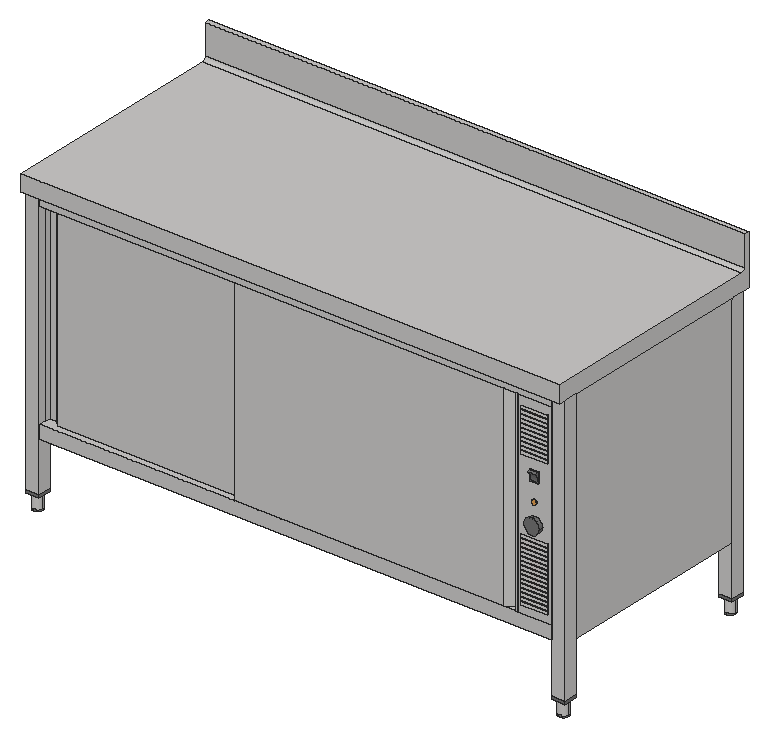
Revit family "QF_ELECTROLUXPROFESSIONAL_134052_GTC1610E", category Attrezzature speciali, Revit 2020
Family settings
  Quota connettore circolare = Usa diametro
  Tipo di parte = Normale
  Basato su piano di lavoro = No
  Sempre verticale = Sì
  Taglio con vuoti quando caricato = No
  Condiviso = No
  Punto di calcolo locali = No
Parameters (values of type "Standard")
  Weight = 91.00 kg
  Watts = 2530 W
  Volts = 220 V
  URL Manufacturer = "https://www.electroluxprofessional.com/"
  URL = "https://www.electroluxprofessional.com/"
  Steam Supply Size = 0 mm
  Steam Supply Minimum Pressure = 0.0 Pa
  Steam Supply Maximum Pressure = 0.0 Pa
  Steam Consumption per Hour = 0
  Refrigeration Suction Line Size = 0.0 mm
  Refrigeration Liquid Line Size = 0.0 mm
  Refrigerant Compressor Remote = yes
  Prospetto di default = 0.0 mm
  Produttore = "Electrolux Professional"
  Phase = 1
  Modello = "GTC1610E"
  Length Actual = 1600.0 mm  # constant formula
  Item Number = "134052"
  Hot Water Size = 0 mm
  Height Actual = 1000.0 mm  # constant formula
  HP = "3.4 HP"
  Gas Size = 0 mm
  Gas KW = 0
  Gas Input Pressure = 0 W
  Direct Waste Size = 0 mm
  Descrizione = "HOT CUPBOARD WITH UPSTAND 1600 MM"
  Depth Actual = 700.0 mm  # constant formula
  Cycle = 50 Hz
  Condensate Return Size = 0 mm
  Compressed Air Volume = 0.0 L/s
  Compressed Air Size = 0 mm
  Compressed Air Pressure = 0.0 Pa
  Cold Water Size = 0 mm
  Accessory = yes
Reference planes
  plane 1 "Center (Front/Back)": y = 0
  plane 2: z = 0
  plane 3 "Center (Left/Right)": x = -300
  plane 4 "LEFT": x = -1100
  plane 5 "RIGHT": x = 500
  plane 6 "BACK": y = 350
  plane 7 "FRONT": y = -350
  plane 8 "Base": z = 850
  plane 9 "TOP": z = 900
  plane 10: x = -1080
  plane 11: x = 480
  plane 12: y = 310
  plane 13: y = -310
  plane 14 "BodyLeft": x = -1100
  plane 15 "BodyFront": y = -330
  plane 16 "BodyRight": x = 500
  plane 17 "BodyBack": y = 330
  plane 18 "FEET": z = 200
  plane 19: x = -220
  plane 20: x = -480
  plane 21 "AxeSlideDoor": x = -350
  plane 22: x = 360
  plane 23: x = 410
  plane 24: y = -160
Forms (mm)
  Extrusion 1, solid, material "QF_Finishes_Stainless Steel"
    sketch origin (-300, 0, 0) x (0, 1, 0) y (0, 0, 1)
      loop
        line (-350, 850) -> (350, 850) -> (350, 1000) -> (337, 1000) -> (337, 910)
        arc (337, 910) -> (334.071, 902.929) -> (327, 900) r 10
        line (327, 900) -> (-350, 900) -> (-350, 850)
    from 800 to -800
  Extrusion 2, solid, material "QF_Finishes_Stainless Steel"
    sketch origin (0, 0, 200) x (-1, 0, 0) y (0, -1, 0)
      loop
        line (1100, -290) -> (1100, 290) -> (1060, 290) -> (1060, -290) -> (1100, -290)
      loop
        line (-460, -290) -> (-460, 290) -> (-500, 290) -> (-500, -290) -> (-460, -290)
    from 0 to 650
  Extrusion 3, solid, material "QF_Finishes_Stainless Steel"
    sketch origin (0, 0, 200) x (-1, 0, 0) y (0, -1, 0)
      loop
        line (1060, -290) -> (1060, 330) -> (-460, 330) -> (-460, -290) -> (1060, -290)
    from 0 to 40
  Extrusion 4, solid, material "QF_Finishes_Stainless Steel"
    sketch origin (0, 0, 200) x (-1, 0, 0) y (0, -1, 0)
      loop
        line (1060, -290) -> (-460, -290) -> (-460, -330) -> (1060, -330) -> (1060, -290)
    from 0 to 650
  Extrusion 5, solid, material "QF_Finishes_Stainless Steel"
    sketch origin (0, 0, 200) x (-1, 0, 0) y (0, -1, 0)
      loop
        line (-360, 330) -> (-360, 310) -> (480, 310) -> (480, 330) -> (-320, 330) -> (-340, 315) -> (-355, 315) -> (-355, 330) -> (-360, 330)
    from 40 to 620
  Extrusion 6, solid, material "QF_Finishes_Stainless Steel"
    sketch origin (0, 20, 200) x (1, 0, 0) y (0, 1, 0)
      loop
        line (-1060, -330) -> (-1055, -330) -> (-1055, -315) -> (-1040, -315) -> (-1020, -330) -> (-220, -330) -> (-220, -310) -> (-1060, -310) -> (-1060, -330)
    from 40 to 620
  Extrusion 7, solid, material "QF_Finishes_Stainless Steel"
    sketch origin (0, 0, 200) x (-1, 0, 0) y (0, -1, 0)
      loop
        line (1060, 290) -> (-460, 290) -> (-460, -290) -> (1060, -290) -> (1060, 290)
    from 350 to 390
  Extrusion 8, solid, material "QF_Finishes_Stainless Steel"
    sketch origin (0, 0, 200) x (-1, 0, 0) y (0, -1, 0)
      loop
        line (1060, 330) -> (-460, 330) -> (-460, -310) -> (1060, -310) -> (1060, 330)
    from 620 to 650
  Extrusion 9, solid, material "QF_Finishes_Stainless Steel"
    sketch origin (0, 0, 200) x (-1, 0, 0) y (0, -1, 0)
      loop
        circle (-410, 160) r 10
    from 0 to -5
Lines and regions (mm)
  symbolic lines
    curve 1: line (500, 350, 900) -> (-1100, 350, 900)
    curve 2: line (-1100, 350, 900) -> (-1100, -350, 900)
    curve 3: line (-1100, -350, 900) -> (500, -350, 900)
    curve 4: line (500, -350, 900) -> (500, 350, 900)
  symbolic lines, style "SpecialityEquipmentHiddenLines"
    curve 5: line (-1100, 330, 200) -> (500, 330, 200)
    curve 6: line (-1100, -330, 200) -> (-1100, 330, 200)
    curve 7: line (500, -330, 200) -> (-1100, -330, 200)
    curve 8: line (500, 330, 200) -> (500, -330, 200)
    curve 9: line (-1060, -290, 200) -> (-220, -290, 200)
    curve 10: line (-220, -290, 200) -> (-220, -310, 200)
    curve 11: line (-1060, -310, 200) -> (360, -310, 200)
    curve 12: line (360, -310, 200) -> (360, -330, 200)
    curve 13: line (-480, -310, 200) -> (-480, -330, 200)
    curve 14: line (-1060, -290, 200) -> (-1060, -310, 200)
  symbolic lines, style "SpecialityEquipment"
    curve 15: line (-1100, 337, 200) -> (500, 337, 200)
Dimensions and locks
  plane 4 "LEFT" to plane 5 "RIGHT" = 1600.0 mm
  equal spacing: plane 4 "LEFT", plane 3 "Center (Left/Right)", plane 5 "RIGHT"
  locked: plane 8 "Base" to level at 850
  plane 9 "TOP" to level = 900.0 mm
  plane 6 "BACK" to plane 7 "FRONT" = 700.0 mm
  equal spacing: plane 6 "BACK", plane 1 "Center (Front/Back)", plane 7 "FRONT"
  locked: plane 4 "LEFT" to plane 14 "BodyLeft"
  locked: plane 16 "BodyRight" to plane 5 "RIGHT"
  locked: plane 15 "BodyFront" to plane 7 "FRONT" at 20
  locked: plane 6 "BACK" to plane 17 "BodyBack" at 20
  locked: plane 14 "BodyLeft" to plane 10 at 20
  locked: plane 11 to plane 16 "BodyRight" at 20
  locked: plane 13 to plane 15 "BodyFront" at 20
  locked: plane 17 "BodyBack" to plane 12 at 20
  plane 10 to plane 11 = 1560.0 mm
  plane 12 to plane 13 = 620.0 mm
  locked: plane 14 "BodyLeft" to Extrusion 2 sketch curve at 40
  Extrusion 2 sketch curve to Extrusion 2 sketch curve = 40.0 mm
  locked: plane 18 "FEET" to plane 2 at 200
  plane 22 to plane 5 "RIGHT" = 140.0 mm
  equal spacing: Extrusion 2, plane 21 "AxeSlideDoor", plane 22
  locked: plane 20 to plane 21 "AxeSlideDoor" at 130
  locked: plane 21 "AxeSlideDoor" to plane 19 at 130
  plane 24 to plane 7 "FRONT" = 190.0 mm
  plane 23 to plane 16 "BodyRight" = 90.0 mm
  locked: Extrusion 1 to level at 1000
  aligned and locked: level to plane 2
  aligned and locked: plane 10 to nested 1
  aligned and locked: nested 1 to plane 13
  aligned and locked: plane 11 to nested 2
  aligned and locked: nested 2 to plane 13
  aligned and locked: plane 11 to nested 4
  aligned and locked: nested 4 to plane 12
  aligned and locked: plane 10 to nested 3
  aligned and locked: nested 3 to plane 12
  aligned and locked: Extrusion 1 to plane 4 "LEFT"
  aligned and locked: plane 5 "RIGHT" to Extrusion 1
  aligned and locked: curve 2 to plane 4 "LEFT"
  aligned and locked: Extrusion 2 sketch curve to plane 14 "BodyLeft"
  aligned and locked: plane 16 "BodyRight" to Extrusion 2 sketch curve
  aligned and locked: plane 8 "Base" to Extrusion 2
  aligned and locked: Extrusion 5 to Extrusion 3
  aligned and locked: Extrusion 6 sketch curve to plane 19
  aligned and locked: Extrusion 5 sketch curve to plane 20
  aligned and locked: Extrusion 1 to plane 8 "Base"
  aligned and locked: plane 9 "TOP" to Extrusion 1
  aligned and locked: curve 5 to plane 17 "BodyBack"
  aligned and locked: plane 14 "BodyLeft" to curve 6
  aligned and locked: plane 15 "BodyFront" to curve 7
  aligned and locked: plane 16 "BodyRight" to curve 8
  aligned and locked: Extrusion 3 sketch curve to Extrusion 2  (x2)
  aligned and locked: Extrusion 2 to Extrusion 4 sketch curve  (x2)
  aligned and locked: curve 7 to Extrusion 3 sketch curve
  aligned and locked: Extrusion 3 sketch curve to Extrusion 4
  aligned and locked: Extrusion 4 to plane 18 "FEET"
  aligned and locked: plane 22 to Extrusion 5 sketch curve
  aligned and locked: nested 5 to Extrusion 2
  aligned and locked: nested 5 to Extrusion 3
  aligned and locked: Extrusion 8 sketch curve to plane 15 "BodyFront"
  aligned and locked: plane 12 to Extrusion 8 sketch curve
  aligned and locked: curve 12 to plane 22
Automatic sketch dimensions
  curve 3 to plane 5 "RIGHT" = 0.0 mm
  curve 3 to plane 7 "FRONT" = 0.0 mm
  curve 2 to plane 6 "BACK" = 0.0 mm
  Extrusion 2 sketch curve to plane 12 = 20.0 mm  (x2)
  plane 13 to Extrusion 2 sketch curve = 20.0 mm  (x2)
  Extrusion 4 sketch curve to plane 17 "BodyBack" = 0.0 mm
  Extrusion 4 sketch curve to plane 12 = 20.0 mm
  Extrusion 5 sketch curve to plane 15 "BodyFront" = 0.0 mm  (x2)
  Extrusion 5 sketch curve to plane 13 = 0.0 mm
  Extrusion 5 sketch curve to plane 22 = 5.0 mm
  Extrusion 5 sketch curve to plane 13 = 5.0 mm
  Extrusion 5 sketch curve to Extrusion 5 sketch curve = 15.0 mm
  Extrusion 5 sketch curve to Extrusion 5 sketch curve = 20.0 mm
  Extrusion 6 sketch curve to plane 13 = 0.0 mm  (x2)
  Extrusion 6 sketch curve to plane 10 = 60.0 mm
  Extrusion 6 sketch curve to plane 13 = 15.0 mm
  Extrusion 6 sketch curve to Extrusion 6 sketch curve = 20.0 mm  (x2)
  Extrusion 6 sketch curve to Extrusion 6 sketch curve = 15.0 mm
  Extrusion 6 sketch curve to Extrusion 6 sketch curve = 5.0 mm
  Extrusion 7 sketch curve to plane 11 = 20.0 mm
  plane 10 to Extrusion 7 sketch curve = 20.0 mm
  Extrusion 7 sketch curve to plane 12 = 20.0 mm
  plane 13 to Extrusion 7 sketch curve = 20.0 mm
  Extrusion 8 sketch curve to plane 11 = 20.0 mm
  plane 10 to Extrusion 8 sketch curve = 20.0 mm
  Extrusion 9 sketch curve to plane 23 = 0.0 mm
  Extrusion 9 sketch curve to plane 24 = 0.0 mm
  Extrusion 1 sketch curve to plane 7 "FRONT" = 0.0 mm
  Extrusion 1 sketch curve to plane 9 "TOP" = 0.0 mm
  plane 9 "TOP" to Extrusion 1 sketch curve = 10.0 mm
  Extrusion 1 sketch curve to plane 6 "BACK" = 0.0 mm
  Extrusion 1 sketch curve to plane 8 "Base" = 0.0 mm
  Extrusion 1 sketch curve to plane 17 "BodyBack" = 3.0 mm
  plane 17 "BodyBack" to Extrusion 1 sketch curve = 7.0 mm
  Extrusion 1 sketch curve to Extrusion 1 sketch curve = 90.0 mm
  curve 15 to plane 5 "RIGHT" = 0.0 mm
  curve 11 to plane 13 = 0.0 mm
  curve 10 to plane 19 = 0.0 mm
  curve 13 to plane 20 = 0.0 mm
  curve 15 to plane 4 "LEFT" = 0.0 mm
  plane 10 to curve 14 = 20.0 mm
  plane 13 to curve 10 = 20.0 mm
  curve 15 to curve 5 = 7.0 mm
  radius of Extrusion 9 sketch curve = 10.0 mm
Nested families
  nested 1: "FEET_40x40_APP50" at (-1080, -310, 0), type "FEET_40x40_APP50"
  nested 2: "FEET_40x40_APP50" at (480, -310, 0), type "FEET_40x40_APP50"
  nested 3: "FEET_40x40_APP50" at (-1080, 310, 0), type "FEET_40x40_APP50"
  nested 4: "FEET_40x40_APP50" at (480, 310, 0), type "FEET_40x40_APP50"
  nested 5: "WT_PNL100x580" at (546.92, -290, 605) x (1, 0, 0) z (0, -1, 0), type "WT_PNL100x580"
    with Show Logo yes
Connectors
  electrical at (410, -160, 195)
    settings: on Extrusion 9, index 1, voltage 0 V, apparent load 0 VA, apparent load phase1 0 VA, apparent load phase2 0 VA, apparent load phase3 0 VA, power factor 1, load classification "Other", number of poles 1, system type 30, power factor state 1, is connector primary yes, connector utility no, sub classification motor no, connector description "Electrical connection"
Definition of nested family "FEET_40x40_APP50"
  Parameters
    Default Elevation = 0.0 mm
    FEET = 850.0 mm
  Reference planes
    plane 1 "Center (Front/Back)": y = 0
    plane 2: z = 0
    plane 3 "Center (Left/Right)": x = 0
    plane 4: z = 850
  Forms (mm)
    Extrusion 1, solid
      sketch origin (0, 0, 0) x (1, 0, 0) y (0, 1, 0)
        loop
          line (-20, -20) -> (20, -20) -> (20, 20) -> (-20, 20) -> (-20, -20)
      from 50 to 850
    Extrusion 2, solid
      sketch origin (0, 0, 0) x (1, 0, 0) y (0, 1, 0)
        loop
          circle (0, 0) r 15
      from 0 to 5
    Extrusion 3, solid
      sketch origin (0, 0, 0) x (1, 0, 0) y (0, 1, 0)
        loop
          line (-20, -20) -> (20, -20) -> (20, 20) -> (-20, 20) -> (-20, -20)
      from 50 to 42
    Extrusion 4, solid
      sketch origin (0, 0, 0) x (1, 0, 0) y (0, 1, 0)
        loop
          circle (0, 0) r 15
      from 5 to 42
  Lines and regions (mm)
    symbolic lines
      curve 1: line (0, -1.503, 0) -> (0, 1.508, 0)
      curve 2: line (1.561, 0, 0) -> (-1.439, 0, 0)
  Dimensions and locks
    "FEET": plane 4 to plane 2
    aligned and locked: level to plane 2
  Automatic sketch dimensions
    plane 1 "Center (Front/Back)" to curve 2 = 0.0 mm
    curve 1 to plane 3 "Center (Left/Right)" = 0.0 mm
    curve 2 to plane 3 "Center (Left/Right)" = 1.439 mm
    plane 3 "Center (Left/Right)" to curve 2 = 1.561 mm
    plane 1 "Center (Front/Back)" to curve 1 = 1.503 mm
    curve 1 to plane 1 "Center (Front/Back)" = 1.508 mm
    Extrusion 1 sketch curve to plane 3 "Center (Left/Right)" = 20.0 mm
    plane 3 "Center (Left/Right)" to Extrusion 1 sketch curve = 20.0 mm
    plane 1 "Center (Front/Back)" to Extrusion 1 sketch curve = 20.0 mm
    Extrusion 1 sketch curve to plane 1 "Center (Front/Back)" = 20.0 mm
    plane 1 "Center (Front/Back)" to Extrusion 2 sketch curve = 0.0 mm
    Extrusion 2 sketch curve to plane 3 "Center (Left/Right)" = 0.0 mm
    Extrusion 3 sketch curve to plane 3 "Center (Left/Right)" = 20.0 mm
    plane 3 "Center (Left/Right)" to Extrusion 3 sketch curve = 20.0 mm
    plane 1 "Center (Front/Back)" to Extrusion 3 sketch curve = 20.0 mm
    Extrusion 3 sketch curve to plane 1 "Center (Front/Back)" = 20.0 mm
    plane 1 "Center (Front/Back)" to Extrusion 4 sketch curve = 0.0 mm
    Extrusion 4 sketch curve to plane 3 "Center (Left/Right)" = 0.0 mm
    radius of Extrusion 2 sketch curve = 15.0 mm
    radius of Extrusion 4 sketch curve = 15.0 mm
Definition of nested family "WT_PNL100x580"
  Parameters
    Show Logo [instance] = yes
    Default Elevation = 1219.2 mm
  Reference planes
    plane 1 "Center (Front/Back)": y = -75
    plane 2: z = 0
    plane 3 "Center (Left/Right)": x = -136.92
    plane 4: x = -186.92
    plane 5: x = -86.92
    plane 6 "TOP": z = 40
  Forms (mm)
    Extrusion 1, solid
      sketch origin (0, 0, 0) x (1, 0, 0) y (0, 1, 0)
        loop
          line (-1219.2, 1219.2) -> (-1219.2, -1219.2) -> (1219.2, -1219.2) -> (1219.2, 1219.2) -> (-1219.2, 1219.2)
      from 0 to -304.8
    Extrusion 2, solid
      sketch origin (0, 35, 0) x (1, 0, 0) y (0, 1, 0)
        loop
          line (-186.92, 180) -> (-186.92, -400) -> (-86.92, -400) -> (-86.92, 180) -> (-186.92, 180)
      from 0 to 40
    Extrusion 3, solid
      sketch origin (0, 35, 40) x (-1, 0, 0) y (0, -1, 0)
        loop
          circle (136.92, 151.711) r 22.964
      from 0 to 11.071
    Extrusion 4, solid
      sketch origin (-136.92, 35, 0) x (0, 1, 0) y (0, 0, 1)
        loop
          line (95.896, 40) -> (104.899, 40) -> (95.896, 41.206) -> (95.896, 40)
        loop
          line (107.896, 40) -> (116.899, 40) -> (107.896, 41.206) -> (107.896, 40)
        loop
          line (119.896, 40) -> (128.899, 40) -> (119.896, 41.206) -> (119.896, 40)
        loop
          line (131.896, 40) -> (140.899, 40) -> (131.896, 41.206) -> (131.896, 40)
        loop
          line (143.896, 40) -> (152.899, 40) -> (143.896, 41.206) -> (143.896, 40)
        loop
          line (-246.104, 40) -> (-237.101, 40) -> (-246.104, 41.206) -> (-246.104, 40)
        loop
          line (-234.104, 40) -> (-225.101, 40) -> (-234.104, 41.206) -> (-234.104, 40)
        loop
          line (-222.104, 40) -> (-213.101, 40) -> (-222.104, 41.206) -> (-222.104, 40)
        loop
          line (-210.104, 40) -> (-201.101, 40) -> (-210.104, 41.206) -> (-210.104, 40)
        loop
          line (-198.104, 40) -> (-189.101, 40) -> (-198.104, 41.206) -> (-198.104, 40)
        loop
          line (-318.104, 40) -> (-309.101, 40) -> (-318.104, 41.206) -> (-318.104, 40)
        loop
          line (-306.104, 40) -> (-297.101, 40) -> (-306.104, 41.206) -> (-306.104, 40)
        loop
          line (-294.104, 40) -> (-285.101, 40) -> (-294.104, 41.206) -> (-294.104, 40)
        loop
          line (-282.104, 40) -> (-273.101, 40) -> (-282.104, 41.206) -> (-282.104, 40)
        loop
          line (-270.104, 40) -> (-261.101, 40) -> (-270.104, 41.206) -> (-270.104, 40)
        loop
          line (-258.104, 40) -> (-249.101, 40) -> (-258.104, 41.206) -> (-258.104, 40)
        loop
          line (-366.104, 40) -> (-357.101, 40) -> (-366.104, 41.206) -> (-366.104, 40)
        loop
          line (-354.104, 40) -> (-345.101, 40) -> (-354.104, 41.206) -> (-354.104, 40)
        loop
          line (-342.104, 40) -> (-333.101, 40) -> (-342.104, 41.206) -> (-342.104, 40)
        loop
          line (-330.104, 40) -> (-321.101, 40) -> (-330.104, 41.206) -> (-330.104, 40)
        loop
          line (-378.104, 40) -> (-369.101, 40) -> (-378.104, 41.206) -> (-378.104, 40)
        loop
          line (23.896, 40) -> (32.899, 40) -> (23.896, 41.206) -> (23.896, 40)
        loop
          line (35.896, 40) -> (44.899, 40) -> (35.896, 41.206) -> (35.896, 40)
        loop
          line (47.896, 40) -> (56.899, 40) -> (47.896, 41.206) -> (47.896, 40)
        loop
          line (59.896, 40) -> (68.899, 40) -> (59.896, 41.206) -> (59.896, 40)
        loop
          line (71.896, 40) -> (80.899, 40) -> (71.896, 41.206) -> (71.896, 40)
        loop
          line (83.896, 40) -> (92.899, 40) -> (83.896, 41.206) -> (83.896, 40)
      from -40 to 40
    Extrusion 5, solid
      sketch origin (0, -5, 40) x (-1, 0, 0) y (0, -1, 0)
        loop
          line (123.92, -32.89) -> (149.92, -32.89) -> (149.92, -1.89) -> (123.92, -1.89) -> (123.92, -32.89)
        loop
          line (148.92, -31.89) -> (148.92, -2.89) -> (124.92, -2.89) -> (124.92, -31.89) -> (148.92, -31.89)
      from 0 to 1.6
    Extrusion 6, solid
      sketch origin (0, 95, 40) x (-1, 0, 0) y (0, -1, 0)
        loop
          circle (136.92, 151.711) r 7
      from 0 to 1.6
    Extrusion 7, solid
      sketch origin (-136.92, 35, 0) x (0, 1, 0) y (0, 0, 1)
        loop
          line (-37.11, 38) -> (-8.11, 38) -> (-8.11, 41.206)
          arc (-8.11, 41.206) -> (-8.756, 45.488) -> (-10.639, 49.389) r 14.5
          arc (-10.639, 49.389) -> (-23.172, 43.026) -> (-37.11, 41.206) r 41.552
          line (-37.11, 41.206) -> (-37.11, 38)
      from -12 to 12
  Dimensions and locks
    equal spacing: plane 4, plane 3 "Center (Left/Right)", plane 5
    plane 6 "TOP" to level = 40.0 mm
    Extrusion 2 to Extrusion 2 = 580.0 mm
    plane 4 to plane 5 = 100.0 mm
    aligned and locked: plane 2 to Extrusion 1
    aligned and locked: level to Extrusion 1
  Automatic sketch dimensions
    Extrusion 1 sketch curve to Extrusion 1 sketch curve = 2438.4 mm  (x2)
    Extrusion 2 sketch curve to plane 4 = 0.0 mm
    Extrusion 2 sketch curve to plane 5 = 0.0 mm
    Extrusion 3 sketch curve to plane 3 "Center (Left/Right)" = 0.0 mm
    plane 1 "Center (Front/Back)" to Extrusion 3 sketch curve = 41.711 mm
    plane 3 "Center (Left/Right)" to Extrusion 5 sketch curve = 13.0 mm
    Extrusion 5 sketch curve to plane 3 "Center (Left/Right)" = 13.0 mm
    Extrusion 5 sketch curve to plane 1 "Center (Front/Back)" = 102.89 mm
    Extrusion 5 sketch curve to Extrusion 5 sketch curve = 31.0 mm
    Extrusion 6 sketch curve to plane 3 "Center (Left/Right)" = 0.0 mm
    Extrusion 6 sketch curve to plane 1 "Center (Front/Back)" = 18.289 mm
    Extrusion 4 sketch curve to plane 6 "TOP" = 0.0 mm  (x27)
    Extrusion 4 sketch curve to Extrusion 4 sketch curve = 9.003 mm  (x27)
    Extrusion 4 sketch curve to Extrusion 4 sketch curve = 2.997 mm  (x25)
    plane 6 "TOP" to Extrusion 4 sketch curve = 1.206 mm  (x27)
    Extrusion 4 sketch curve to plane 1 "Center (Front/Back)" = 133.896 mm
    Extrusion 5 sketch curve to Extrusion 5 sketch curve = 1.0 mm  (x4)
    Extrusion 7 sketch curve to plane 6 "TOP" = 2.0 mm
    Extrusion 7 sketch curve to plane 1 "Center (Front/Back)" = 72.89 mm
    Extrusion 7 sketch curve to plane 1 "Center (Front/Back)" = 74.556 mm
    plane 6 "TOP" to Extrusion 7 sketch curve = 1.206 mm  (x2)
    Extrusion 7 sketch curve to Extrusion 7 sketch curve = 14.5 mm  (x2)
    Extrusion 7 sketch curve to Extrusion 7 sketch curve = 2.529 mm
    Extrusion 2 sketch curve to plane 1 "Center (Front/Back)" = 290.0 mm
    plane 1 "Center (Front/Back)" to Extrusion 2 sketch curve = 290.0 mm
    plane 1 "Center (Front/Back)" to Extrusion 4 sketch curve = 79.101 mm
    radius of Extrusion 3 sketch curve = 22.964 mm
    radius of Extrusion 6 sketch curve = 7.0 mm
